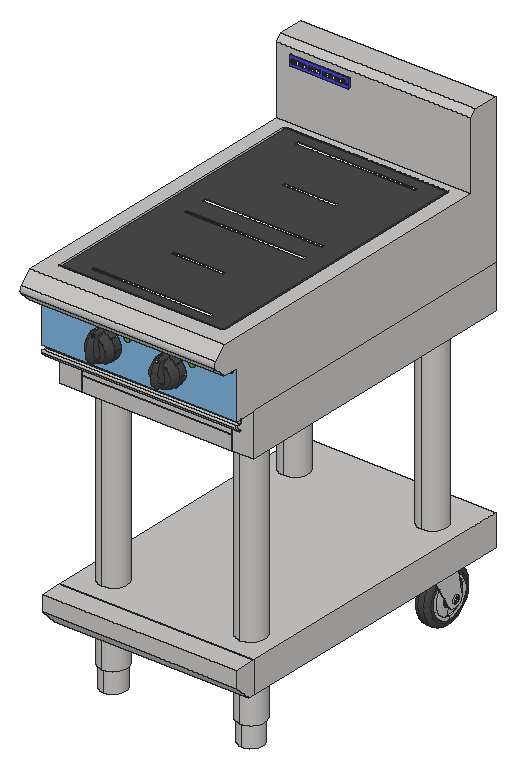
Revit family "QF_Moffat_IN512R5-LS_Induction_Cooktop_cat", category Specialty Equipment, Revit 2019 (continued)
Definition of nested family "Knob"
  Forms (mm)
    Revolve 1, solid
      sketch origin (32.5, 175.397, 1219.2) x (0, 1, 0) y (0, 0, 1)
        loop
          line (-175.397, -1186.7) -> (-219.397, -1186.7) -> (-219.397, -1211.501) -> (-202.106, -1219.2) -> (-185.397, -1219.2) -> (-185.397, -1191.7) -> (-175.397, -1191.7) -> (-175.397, -1186.7)
        axis (-219.397, -1186.7) -> (-175.397, -1186.7)
      angle from 0 to 360
    Extrusion 2, solid
      sketch origin (32.5, 175.397, 1219.2) x (0, 1, 0) y (0, 0, 1)
        loop
          line (-202.106, -1154.2) -> (-185.397, -1154.2) -> (-185.397, -1149.7) -> (-224.105, -1149.7)
          arc (-224.105, -1149.7) -> (-233.965, -1178.467) -> (-230.696, -1208.7) r 70
          line (-230.696, -1208.7) -> (-219.397, -1208.7) -> (-219.397, -1161.899) -> (-202.106, -1154.2)
      from -15 to 15
    Extrusion 3, void
      sketch origin (0, 0, 0) x (1, 0, 0) y (0, 0, 1)
        loop
          line (27.501, 64.613) -> (22.02, 20.585)
          arc (22.02, 20.585) -> (32.792, 10.488) -> (42.986, 21.169) r 10.487
          line (42.986, 21.169) -> (37.499, 64.613)
          arc (37.499, 64.613) -> (32.5, 69.5) -> (27.501, 64.613) r 5
        loop
          line (10, 72.977) -> (10, 5.625) -> (55, 5.625) -> (55, 72.977) -> (10, 72.977)
      from 6.142 to 69.687
    Extrusion 4, solid
      sketch origin (0, -34.115, -16.916) x (1, 0, 0) y (0, 0.45399, 0.891007)
        loop
          circle (32.497, 65) r 2
      from 51.525 to 53.075
    Extrusion 5, solid
      sketch origin (32.5, -10, 32.5) x (0, 0, -1) y (-1, 0, 0)
        loop
          line (-23.54, -22.408) -> (-24.106, -22.974)
          arc (-24.106, -22.974) -> (-23.547, -23.547) -> (-22.974, -24.106) r 33.3
          line (-22.974, -24.106) -> (-22.408, -23.54)
          arc (-22.408, -23.54) -> (-22.981, -22.981) -> (-23.54, -22.408) r 32.5
        loop
          arc (-0.8, -33.29) -> (0, -33.3) -> (0.8, -33.29) r 33.3
          line (0.8, -33.29) -> (0.8, -32.49)
          arc (0.8, -32.49) -> (0, -32.5) -> (-0.8, -32.49) r 32.5
          line (-0.8, -32.49) -> (-0.8, -33.29)
        loop
          arc (23.54, -22.408) -> (22.981, -22.981) -> (22.408, -23.54) r 32.5
          line (22.408, -23.54) -> (22.974, -24.106)
          arc (22.974, -24.106) -> (23.547, -23.547) -> (24.106, -22.974) r 33.3
          line (24.106, -22.974) -> (23.54, -22.408)
        loop
          arc (-23.54, 22.408) -> (-22.981, 22.981) -> (-22.408, 23.54) r 32.5
          line (-22.408, 23.54) -> (-22.974, 24.106)
          arc (-22.974, 24.106) -> (-23.547, 23.547) -> (-24.106, 22.974) r 33.3
          line (-24.106, 22.974) -> (-23.54, 22.408)
        loop
          line (-0.8, 33.29) -> (-0.8, 32.49)
          arc (-0.8, 32.49) -> (0, 32.5) -> (0.8, 32.49) r 32.5
          line (0.8, 32.49) -> (0.8, 33.29)
          arc (0.8, 33.29) -> (0, 33.3) -> (-0.8, 33.29) r 33.3
        loop
          line (32.49, -0.8) -> (33.29, -0.8)
          arc (33.29, -0.8) -> (33.3, 0) -> (33.29, 0.8) r 33.3
          line (33.29, 0.8) -> (32.49, 0.8)
          arc (32.49, 0.8) -> (32.5, 0) -> (32.49, -0.8) r 32.5
        loop
          arc (24.106, 22.974) -> (23.547, 23.547) -> (22.974, 24.106) r 33.3
          line (22.974, 24.106) -> (22.408, 23.54)
          arc (22.408, 23.54) -> (22.981, 22.981) -> (23.54, 22.408) r 32.5
          line (23.54, 22.408) -> (24.106, 22.974)
      from 0 to -16.709
  Cuts and joins
    Extrusion 3 cuts Extrusion 2
  Dimensions and locks
    equal spacing: plane 3 "LEFT", plane 7 "Center Y", plane 4 "RIGHT"
    "Length": plane 3 "LEFT" to plane 4 "RIGHT"
    equal spacing: plane 5 "FRONT", plane 8 "Center X", plane 1 "BACK"
    "Depth": plane 5 "FRONT" to plane 1 "BACK"
    "Height": plane 6 "TOP" to level
    plane 4 "RIGHT" to plane 3 "LEFT" = 65 mm
    aligned and locked: level to plane 2
  Automatic sketch dimensions
    Revolve 1 sketch curve to level = 0 mm
    Revolve 1 sketch curve to plane 1 "BACK" = 0 mm  (x2)
    plane 1 "BACK" to Revolve 1 sketch curve = 10 mm
    plane 8 "Center X" to Revolve 1 sketch curve = 2.791 mm
    Revolve 1 sketch curve to plane 8 "Center X" = 14.5 mm
    level to Revolve 1 sketch curve = 7.699 mm
    level to Revolve 1 sketch curve = 27.5 mm
    Revolve 1 sketch curve to Revolve 1 sketch curve = 5 mm
    Revolve 1 sketch curve to Revolve 1 sketch curve = 35 mm
    Revolve 1 sketch curve to Revolve 1 sketch curve = 0 mm
    Extrusion 2 sketch curve to plane 6 "TOP" = 0 mm
    Extrusion 2 sketch curve to plane 5 "FRONT" = 3.702 mm
    Extrusion 2 sketch curve to plane 5 "FRONT" = 10.293 mm
    Extrusion 2 sketch curve to Extrusion 2 sketch curve = 11.298 mm
    plane 8 "Center X" to Extrusion 2 sketch curve = 2.791 mm
    plane 1 "BACK" to Extrusion 2 sketch curve = 10 mm
    Extrusion 2 sketch curve to plane 1 "BACK" = 11 mm
    Extrusion 2 sketch curve to plane 6 "TOP" = 4.5 mm
    Extrusion 2 sketch curve to plane 6 "TOP" = 12.199 mm
    level to Extrusion 2 sketch curve = 32.962 mm
    level to Extrusion 3 sketch curve = 5.625 mm
    Extrusion 3 sketch curve to plane 7 "Center Y" = 0 mm  (x2)
    Extrusion 3 sketch curve to plane 7 "Center Y" = 4.999 mm
    Extrusion 3 sketch curve to plane 7 "Center Y" = 10.48 mm
    plane 6 "TOP" to Extrusion 3 sketch curve = 3.477 mm
    plane 3 "LEFT" to Extrusion 3 sketch curve = 10 mm
    Extrusion 3 sketch curve to plane 6 "TOP" = 4.887 mm
    Extrusion 3 sketch curve to Extrusion 3 sketch curve = 4.999 mm
    plane 7 "Center Y" to Extrusion 3 sketch curve = 10.486 mm
    level to Extrusion 3 sketch curve = 20.585 mm
    Extrusion 3 sketch curve to Extrusion 3 sketch curve = 0.387 mm
    Extrusion 3 sketch curve to Extrusion 3 sketch curve = 0.113 mm
    plane 4 "RIGHT" to Extrusion 3 sketch curve = 10 mm
    Extrusion 5 sketch curve to Revolve 1 = 32.49 mm
    Revolve 1 to Extrusion 5 sketch curve = 32.49 mm
    Extrusion 5 sketch curve to Revolve 1 = 23.54 mm  (x2)
    Revolve 1 to Extrusion 5 sketch curve = 23.54 mm  (x2)
    Extrusion 5 sketch curve to Revolve 1 = 24.106 mm  (x2)
    Revolve 1 to Extrusion 5 sketch curve = 24.106 mm  (x2)
    Revolve 1 to Extrusion 5 sketch curve = 22.408 mm  (x2)
    Extrusion 5 sketch curve to Revolve 1 = 22.408 mm  (x2)
    Revolve 1 to Extrusion 5 sketch curve = 22.974 mm  (x2)
    Extrusion 5 sketch curve to Revolve 1 = 22.974 mm  (x2)
    Extrusion 5 sketch curve to Extrusion 5 sketch curve = 1.6 mm  (x2)
    Revolve 1 to Extrusion 5 sketch curve = 0.8 mm
    Extrusion 5 sketch curve to Revolve 1 = 0.8 mm
    Extrusion 4 sketch curve to plane 7 "Center Y" = 0.003 mm
    radius of Extrusion 5 sketch curve to Revolve 1 = 0 mm  (x7)
    radius of Revolve 1 to Extrusion 5 sketch curve = 0.8 mm  (x7)
    radius of Extrusion 4 sketch curve = 2 mm
